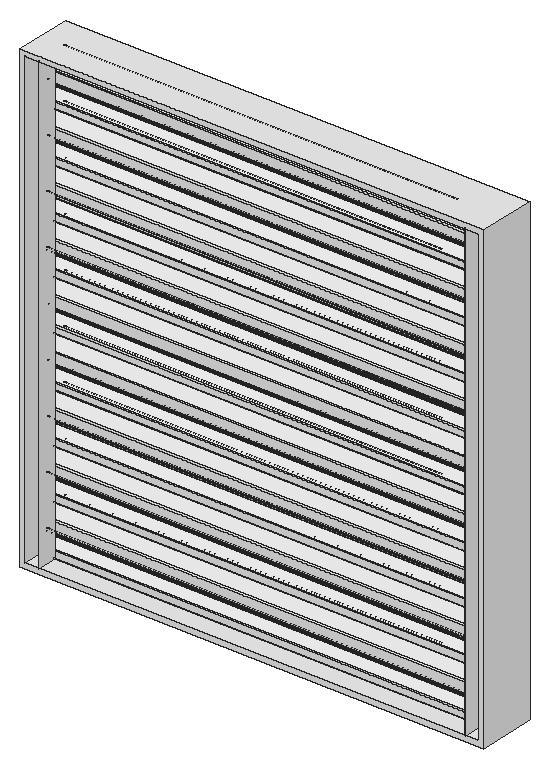
Revit family
Parameters (values of type "Louver_Screen_HJ-445_All-Lite")
  URL = "http://www.alllite-louvers.com"
  Specifications = "http://www.alllite-louvers.com/catalog/AHJ-445-csi-specification.doc"
  Spacing = 0.417 ft
  SmartBIM Object Version = 3  # constant formula
  SmartBIM Object Created By = "Reed Construction Data"  # constant formula
  Shim Thickness = 0.042 ft
  Screen Width = Width - (2 * Shim Thickness)  # 3.916 ft
  Screen Height = Height - (2 * Shim Thickness)  # 3.916 ft
  Screen = Aluminum
  Rough Width = 0.0 ft
  Rough Height = 0.0 ft
  Product URL = "http://www.alllite-louvers.com/catalog.php?model=HJ-445"
  Pressure Loss (in.wg.) = "N/A"  # constant formula
  OmniClass Title = "Exterior Louvers and Grilles"  # constant formula
  OmniClass Code = "23-60 11 17"  # constant formula
  Model Number = "HJ-445"  # constant formula
  Minimum Size = "12\" x 12\""
  Maximum Size - Single Section = "72\" x 144\" or 144\"x 72\""
  Maximum Size - Multiple Section = "Unlimited"
  Manufacturer = "All-Lite"  # constant formula
  Louver Width = Width - (2 * Shim Thickness)  # 3.916 ft
  Louver = Mill finish, 6063-T5 Extruded Aluminum
  Height = 4.0 ft
  Free Area for 48”x48” = "50.0%"
  Free Area Velocity (fpm) = "N/A"  # constant formula
  Free Area (ft²) for 48"x48" = 8.0 ft
  Frame = Mill finish, 6063-T5 Extruded Aluminum
  Default Sill Height = 3.0 ft
  Wall Closure = (empty or 0)
  Width = 4.0 ft
  Cut Sheet = "http://www.alllite-louvers.com/catalog/AHJ445.pdf"
  Assembly Code = "B2010300"
  Air Volume Delivered (cfm) = "N/A"  # constant formula
  95 CSI = "10200 "  # constant formula
  04 CSI = "08 91 00"  # constant formula
  # of Louvers = (Height - 0.25 ft) / (Spacing)  # 9
Reference planes (ft)
  plane 1 "Center (Front/Back)": y = 0
  plane 2: z = 0.291667
  plane 3 "Center (Left/Right)": x = 0
  plane 4 "Left": x = -2
  plane 5 "Right": x = 2
  plane 6 "Sill": z = 3.291667
  plane 7 "Top": z = 7.291667
  plane 8: x = -1.958
  plane 9: x = 1.958
  plane 10: z = 7.249667
  plane 11: z = 3.333667
  plane 12: z = 5.291667
  plane 13: z = 3.417
  plane 14: z = 3.584963
  plane 15: z = 6.937167
Forms (ft)
  Sweep 1, solid, material "Mill finish, 6063-T5 Extruded Aluminum" <- "Frame"
    path origin (-5, 0.333333, 0) x (-1, 0, 0) y (0, 0, 1)
      loop
        line (-6.958, 3.333667) -> (-6.958, 7.249667)
    profile "Vertical Mullion : Vertical Mullion" origin (1.958, 0.333333, 5.291667) x (1, 0, 0) y (0, 1, 0)
      loop
        line (-0.11825, -0.333) -> (0, -0.333) -> (0, -0.32625) -> (-0.125, -0.32625) -> (-0.125, -0.492917) -> (-0.11825, -0.492917) -> (-0.11825, -0.333)
  Sweep 2, solid, material "Mill finish, 6063-T5 Extruded Aluminum" <- "Frame"
    path origin (5, 0.333333, 0) x (1, 0, 0) y (0, 0, -1)
      loop
        line (-6.958, -3.333667) -> (-6.958, -7.249667)
    profile "Vertical Mullion : Vertical Mullion" origin (-1.958, 0.333333, 5.291667) x (1, 0, 0) y (0, 1, 0)
      loop
        line (0.11825, -0.333) -> (0.11825, -0.492917) -> (0.125, -0.492917) -> (0.125, -0.32625) -> (0, -0.32625) -> (0, -0.333) -> (0.11825, -0.333)
  Sweep 3, solid, material "Mill finish, 6063-T5 Extruded Aluminum" <- "Frame"
    path origin (-5, 0.333333, 0) x (-1, 0, 0) y (0, 0, 1)
      loop
        line (-3, 7.291667) -> (-7, 7.291667) -> (-7, 3.291667) -> (-3, 3.291667) -> (-3, 7.291667)
    profile origin (-2, 0.333333, 5.291667) x (0, 1, 0) y (-1, 0, 0)
      loop
        line (0, 0) -> (-0.492917, 0) -> (-0.492917, -0.042) -> (0, -0.042) -> (0, 0)
Lines and regions (ft)
  Opening 1
    outline origin (-5, -0.333333, 0) x (1, 0, 0) y (0, 0, 1)
      loop
        line (3, 7.291667) -> (3, 3.291667) -> (7, 3.291667) -> (7, 7.291667) -> (3, 7.291667)
  Masking region 1, detail levels coarse+medium
    outline origin (0, 0, 0) x (1, 0, 0) y (0, 1, 0)
      loop
        line (-1.833, -0.159583) -> (-1.833, 0.333333) -> (-2, 0.333333) -> (-2, -0.159583) -> (-1.833, -0.159583)
      loop
        line (1.833, -0.159583) -> (2, -0.159583) -> (2, 0.333333) -> (1.833, 0.333333) -> (1.833, -0.159583)
  Masking region 2, detail levels fine
    outline origin (0, 0, 0) x (1, 0, 0) y (0, 1, 0)
      loop
        line (1.833, 0.007083) -> (1.833, -0.159583) -> (1.83975, -0.159583) -> (1.83975, 0.000333) -> (1.958, 0.000333) -> (1.958, 0.007083) -> (1.833, 0.007083)
      loop
        line (-1.833, -0.159583) -> (-1.833, 0.007083) -> (-1.958, 0.007083) -> (-1.958, 0.000333) -> (-1.83975, 0.000333) -> (-1.83975, -0.159583) -> (-1.833, -0.159583)
Text (ft)
  text "EXTERIOR" at (-4.890733, 4.242245, 0), in view "Ref. Level"
  text "INTERIOR" at (-4.890733, -3.147199, 0), in view "Ref. Level"
  text "Exterior" at (0, 3.638026, 10.266337), in view "Left"
  text "Exterior" at (0, 1.524487, 10.420622), in view "Right"
Dimensions and locks (ft)
  equal spacing: plane 4 "Left", plane 3 "Center (Left/Right)", plane 5 "Right"
  "Width": plane 4 "Left" to plane 5 "Right"
  "Height": plane 6 "Sill" to plane 7 "Top"
  "Default Sill Height": plane 2 to plane 6 "Sill"
  "Shim Thickness": plane 4 "Left" to plane 8
  "Shim Thickness": plane 9 to plane 5 "Right"
  "Shim Thickness": plane 10 to plane 7 "Top"
  "Shim Thickness": plane 6 "Sill" to plane 11
  equal spacing: plane 11, plane 12, plane 10
  locked: plane 13 to plane 11 at 0.083333
  locked: plane 14 to plane 13 at 0.167963
  locked: plane 10 to plane 15 at 0.3125
  equal spacing: group 2, group 9, group 8, group 7, group 6, group 5, group 4, group 3, group 1
  equal spacing: group 1, group 3, group 4, group 5, group 6, group 7, group 8, group 9, group 2  (x2)
  aligned and locked: plane 7 "Top" to Opening 1 sketch curve
  aligned and locked: plane 6 "Sill" to Opening 1 sketch curve  (x2)
  aligned and locked: plane 5 "Right" to Opening 1 sketch curve
  aligned and locked: plane 4 "Left" to Opening 1 sketch curve
  aligned and locked: plane 9 to Sweep 1 sketch curve
  aligned and locked: Sweep 2 sketch curve to plane 8
  aligned and locked: Sweep 3 sketch curve to plane 4 "Left"
  aligned and locked: Sweep 3 sketch curve to plane 7 "Top"
  aligned and locked: Sweep 3 sketch curve to plane 6 "Sill"
  aligned and locked: Sweep 3 sketch curve to plane 5 "Right"
  aligned and locked: Sweep 3 sketch curve to host wall  (x2)
  aligned and locked: plane 8 to Sweep 3 sketch curve
  aligned and locked: plane 3 "Center (Left/Right)" to nested 1
  aligned and locked: plane 10 to Sweep 2 sketch curve
  aligned and locked: profile plane to host wall
  aligned and locked: plane 11 to Sweep 2 sketch curve
  aligned and locked: plane 11 to Sweep 1 sketch curve
  aligned and locked: Sweep 3 to nested 1
  aligned and locked: Sweep 2 to Sweep 3 sketch curve
  aligned and locked: plane 11 to nested 1
  aligned and locked: nested 2 to plane 10
  aligned and locked: host wall to nested 2
  aligned and locked: plane 3 "Center (Left/Right)" to nested 2
  aligned and locked: Masking region 1 sketch curve to Sweep 2  (x2)
  aligned and locked: Masking region 1 sketch curve to host wall  (x3)
  aligned and locked: host wall to Masking region 1 sketch curve
  aligned and locked: Sweep 1 to Masking region 1 sketch curve
  aligned and locked: Masking region 1 sketch curve to Sweep 1
  aligned and locked: Masking region 2 sketch curve to Sweep 1  (x6)
  aligned and locked: Masking region 2 sketch curve to Sweep 2  (x6)
Automatic sketch dimensions
  Sweep 1 sketch curve to plane 10 = 0.0 ft
Nested families (ft)
  nested 1: "Louver Single" at (0, 0.341479, 3.333667), type "Louver"
    with Louver Length 3.916 ft
  nested 2: "Louver Single" at (0, 0.341479, 6.806033), type "Louver"
    with Louver Length 3.916 ft
  nested 3: "Louver Single" at (0, 0.341479, 3.767712), type "Louver"
    with Louver Length 3.916 ft
  nested 4: "Louver Single" at (0, 0.341479, 4.201758), type "Louver"
    with Louver Length 3.916 ft
  nested 5: "Louver Single" at (0, 0.341479, 4.635804), type "Louver"
    with Louver Length 3.916 ft
  nested 6: "Louver Single" at (0, 0.341479, 5.06985), type "Louver"
    with Louver Length 3.916 ft
  nested 7: "Louver Single" at (0, 0.341479, 5.503896), type "Louver"
    with Louver Length 3.916 ft
  nested 8: "Louver Single" at (0, 0.341479, 5.937941), type "Louver"
    with Louver Length 3.916 ft
  nested 9: "Louver Single" at (0, 0.341479, 6.371987), type "Louver"
    with Louver Length 3.916 ft
Definition of nested family "Louver Single"
  Parameters (values of type "Louver")
    Louver Length = 3.75 ft
    Frame = none
    Depth = 0.156576 ft
    Louver Single = yes
    Louver = none
    Assembly Code = ""
  Reference planes (ft)
    plane 1 "Center (Front/Back)": y = -0.085938
    plane 2: z = 0
    plane 3 "Center (Left/Right)": x = 0
    plane 4: x = -1.875
    plane 5: x = 1.875
    plane 6: y = -0.008146
    plane 7: z = 0.443634
    plane 8: y = -0.333979
  Forms (ft)
    Extrusion 1, solid, material <- "Louver"
      sketch origin (0, 0.02681, -0.008802) x (0, 1, 0) y (0, 0, 1)
        loop
          line (-0.360789, 0.297985) -> (-0.360789, 0.216722)
          arc (-0.360789, 0.216722) -> (-0.353423, 0.219773) -> (-0.350372, 0.227139) r 0.010417
          line (-0.350372, 0.227139) -> (-0.350372, 0.289272)
          arc (-0.350372, 0.289272) -> (-0.348017, 0.296016) -> (-0.341976, 0.299828) r 0.010833
          line (-0.341976, 0.299828) -> (-0.123172, 0.350343)
          arc (-0.123172, 0.350343) -> (-0.117749, 0.350201) -> (-0.113074, 0.347447) r 0.010833
          line (-0.113074, 0.347447) -> (-0.110596, 0.344969)
          arc (-0.110596, 0.344969) -> (-0.100532, 0.335625) -> (-0.106533, 0.347977) r 0.006986
          line (-0.106533, 0.347977) -> (-0.116363, 0.357806)
          arc (-0.116363, 0.357806) -> (-0.121037, 0.36056) -> (-0.12646, 0.360702) r 0.010833
          line (-0.12646, 0.360702) -> (-0.352393, 0.308541)
          arc (-0.352393, 0.308541) -> (-0.358434, 0.304729) -> (-0.360789, 0.297985) r 0.010833
        loop
          line (-0.350372, 0.012711) -> (-0.350372, 0.066815)
          arc (-0.350372, 0.066815) -> (-0.349548, 0.070961) -> (-0.347199, 0.074475) r 0.010833
          line (-0.347199, 0.074475) -> (-0.038129, 0.383546)
          arc (-0.038129, 0.383546) -> (-0.03578, 0.387061) -> (-0.034956, 0.391206) r 0.010833
          line (-0.034956, 0.391206) -> (-0.034956, 0.449199)
          arc (-0.034956, 0.449199) -> (-0.040372, 0.452436) -> (-0.045789, 0.449199) r 0.006151
          line (-0.045789, 0.449199) -> (-0.045789, 0.395694)
          arc (-0.045789, 0.395694) -> (-0.046614, 0.391548) -> (-0.048962, 0.388033) r 0.010833
          line (-0.048962, 0.388033) -> (-0.08611, 0.350885)
          arc (-0.08611, 0.350885) -> (-0.088114, 0.350164) -> (-0.089947, 0.351248) r 0.0025
          arc (-0.089947, 0.351248) -> (-0.095385, 0.356436) -> (-0.102479, 0.35892) r 0.017819
          arc (-0.102479, 0.35892) -> (-0.107664, 0.354859) -> (-0.104333, 0.349177) r 0.005004
          arc (-0.104333, 0.349177) -> (-0.09907, 0.33562) -> (-0.112627, 0.340883) r 0.007946
          arc (-0.112627, 0.340883) -> (-0.118309, 0.344214) -> (-0.12237, 0.339029) r 0.005004
          arc (-0.12237, 0.339029) -> (-0.119886, 0.331935) -> (-0.114698, 0.326497) r 0.017819
          arc (-0.114698, 0.326497) -> (-0.113614, 0.324664) -> (-0.114335, 0.32266) r 0.0025
          line (-0.114335, 0.32266) -> (-0.265975, 0.17102)
          arc (-0.265975, 0.17102) -> (-0.268251, 0.170187) -> (-0.270357, 0.171386) r 0.00288
          arc (-0.270357, 0.171386) -> (-0.275739, 0.176353) -> (-0.282664, 0.178735) r 0.017819
          arc (-0.282664, 0.178735) -> (-0.28785, 0.174673) -> (-0.284519, 0.168991) r 0.005004
          arc (-0.284519, 0.168991) -> (-0.279256, 0.155435) -> (-0.292813, 0.160697) r 0.007946
          arc (-0.292813, 0.160697) -> (-0.298495, 0.164029) -> (-0.302556, 0.158843) r 0.005004
          arc (-0.302556, 0.158843) -> (-0.300433, 0.152367) -> (-0.296034, 0.147162) r 0.017819
          arc (-0.296034, 0.147162) -> (-0.294562, 0.144292) -> (-0.295715, 0.14128) r 0.003956
          line (-0.295715, 0.14128) -> (-0.358033, 0.078963)
          arc (-0.358033, 0.078963) -> (-0.360381, 0.075448) -> (-0.361206, 0.071302) r 0.010833
          line (-0.361206, 0.071302) -> (-0.361206, 0.012711)
          arc (-0.361206, 0.012711) -> (-0.355789, 0.008802) -> (-0.350372, 0.012711) r 0.005707
      from -1.875 to 1.875
  Dimensions and locks (ft)
    equal spacing: plane 4, plane 3 "Center (Left/Right)", plane 5
    "Louver Length": plane 4 to plane 5
    aligned and locked: Extrusion 1 to plane 4
    aligned and locked: plane 5 to Extrusion 1
  Automatic sketch dimensions
    Extrusion 1 sketch curve to Extrusion 1 sketch curve = 0.0 ft  (x15)
    Extrusion 1 sketch curve to plane 8 = 0.0 ft
    Extrusion 1 sketch curve to plane 6 = 0.0 ft
    plane 7 to Extrusion 1 sketch curve = 0.003236 ft  (x2)
    plane 8 to Extrusion 1 sketch curve = 0.000417 ft
    Extrusion 1 sketch curve to plane 8 = 0.002756 ft
    Extrusion 1 sketch curve to plane 8 = 0.005 ft
    Extrusion 1 sketch curve to plane 8 = 0.008396 ft
    Extrusion 1 sketch curve to plane 8 = 0.010417 ft  (x2)
    Extrusion 1 sketch curve to Extrusion 1 sketch curve = 0.000417 ft
    Extrusion 1 sketch curve to Extrusion 1 sketch curve = 0.003173 ft  (x3)
    Extrusion 1 sketch curve to Extrusion 1 sketch curve = 0.00798 ft
    Extrusion 1 sketch curve to Extrusion 1 sketch curve = 0.010833 ft
    Extrusion 1 sketch curve to Extrusion 1 sketch curve = 0.002437 ft  (x2)
    Extrusion 1 sketch curve to plane 8 = 0.058233 ft
    Extrusion 1 sketch curve to Extrusion 1 sketch curve = 0.004044 ft
    Extrusion 1 sketch curve to Extrusion 1 sketch curve = 0.004997 ft  (x3)
    Extrusion 1 sketch curve to Extrusion 1 sketch curve = 0.002477 ft
    Extrusion 1 sketch curve to Extrusion 1 sketch curve = 0.002797 ft
    Extrusion 1 sketch curve to Extrusion 1 sketch curve = 0.004747 ft
    Extrusion 1 sketch curve to Extrusion 1 sketch curve = 0.007938 ft
    Extrusion 1 sketch curve to Extrusion 1 sketch curve = 0.000356 ft
    Extrusion 1 sketch curve to Extrusion 1 sketch curve = 0.001584 ft  (x3)
    Extrusion 1 sketch curve to Extrusion 1 sketch curve = 0.00027 ft  (x2)
    Extrusion 1 sketch curve to Extrusion 1 sketch curve = 0.012577 ft
    Extrusion 1 sketch curve to Extrusion 1 sketch curve = 0.002346 ft
    Extrusion 1 sketch curve to Extrusion 1 sketch curve = 0.002036 ft
    plane 1 "Center (Front/Back)" to Extrusion 1 sketch curve = 0.013712 ft
    Extrusion 1 sketch curve to Extrusion 1 sketch curve = 0.000851 ft
    plane 1 "Center (Front/Back)" to Extrusion 1 sketch curve = 0.009623 ft
    Extrusion 1 sketch curve to Extrusion 1 sketch curve = 0.001636 ft
    Extrusion 1 sketch curve to Extrusion 1 sketch curve = 0.003361 ft
    plane 1 "Center (Front/Back)" to Extrusion 1 sketch curve = 0.003615 ft
    plane 1 "Center (Front/Back)" to Extrusion 1 sketch curve = 0.003355 ft
    plane 1 "Center (Front/Back)" to Extrusion 1 sketch curve = 0.001951 ft
    plane 1 "Center (Front/Back)" to Extrusion 1 sketch curve = 0.001587 ft
    plane 1 "Center (Front/Back)" to Extrusion 1 sketch curve = 0.000327 ft
    Extrusion 1 sketch curve to plane 1 "Center (Front/Back)" = 0.000121 ft
    Extrusion 1 sketch curve to plane 1 "Center (Front/Back)" = 0.002152 ft
    Extrusion 1 sketch curve to Extrusion 1 sketch curve = 0.004063 ft
    Extrusion 1 sketch curve to Extrusion 1 sketch curve = 0.001844 ft
    Extrusion 1 sketch curve to Extrusion 1 sketch curve = 0.0022 ft
    Extrusion 1 sketch curve to Extrusion 1 sketch curve = 0.012802 ft
    Extrusion 1 sketch curve to Extrusion 1 sketch curve = 0.002068 ft
    Extrusion 1 sketch curve to Extrusion 1 sketch curve = 0.001768 ft
    Extrusion 1 sketch curve to plane 6 = 0.021667 ft
    Extrusion 1 sketch curve to Extrusion 1 sketch curve = 0.00766 ft
    Extrusion 1 sketch curve to plane 6 = 0.005417 ft
    Extrusion 1 sketch curve to plane 6 = 0.003173 ft
    plane 7 to Extrusion 1 sketch curve = 0.006151 ft
    Extrusion 1 sketch curve to Extrusion 1 sketch curve = 0.050591 ft
    Extrusion 1 sketch curve to Extrusion 1 sketch curve = 0.004487 ft
    Extrusion 1 sketch curve to Extrusion 1 sketch curve = 0.034992 ft
    Extrusion 1 sketch curve to Extrusion 1 sketch curve = 0.001781 ft
    Extrusion 1 sketch curve to Extrusion 1 sketch curve = 0.002895 ft
    Extrusion 1 sketch curve to Extrusion 1 sketch curve = 0.001271 ft
    Extrusion 1 sketch curve to Extrusion 1 sketch curve = 0.000197 ft
    Extrusion 1 sketch curve to Extrusion 1 sketch curve = 0.0012 ft
    Extrusion 1 sketch curve to Extrusion 1 sketch curve = 0.002479 ft
    Extrusion 1 sketch curve to Extrusion 1 sketch curve = 0.000488 ft
    plane 7 to Extrusion 1 sketch curve = 0.143895 ft
    Extrusion 1 sketch curve to Extrusion 1 sketch curve = 0.001842 ft
    Extrusion 1 sketch curve to Extrusion 1 sketch curve = 0.062133 ft
    Extrusion 1 sketch curve to Extrusion 1 sketch curve = 0.048404 ft
    Extrusion 1 sketch curve to Extrusion 1 sketch curve = 0.000682 ft
    level to Extrusion 1 sketch curve = 0.07016 ft
    level to Extrusion 1 sketch curve = 0.005707 ft
    level to Extrusion 1 sketch curve = 0.003909 ft
